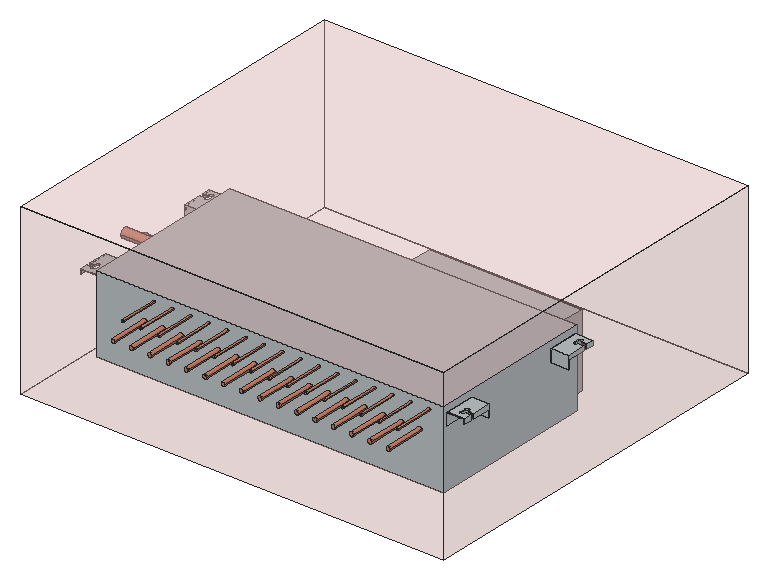
Revit family "CMB-M1016V-J1(-TR)", category 機械設備, Revit 2016
Family settings
  ホスト = 天井
  パーツ タイプ = 標準
  丸型コネクタ寸法 = 半径を使用
  OmniClass 番号 = 23.75.00.00
  OmniClass タイトル = Climate Control (HVAC)
  常に垂直 = はい
  ロード時にボイドで切り取り = いいえ
  共有 = いいえ
  部屋の計算ポイント = いいえ
Parameters (values of type "CMB-M1016V-J1(-TR)_240V_60Hz")
  説明 = "BC controller"
  製造元 = "Mitsubishi Electric Corporation"
  モデル = "CMB-M1016V-J1(-TR)"
  Width = 1135.00 mm
  WarrantyStart = ""
  Voltage = 240 V
  Unit Weight (kg) = 59
  URL = "http://www.mitsubishielectric.com/"
  TagNumber = 0
  Subcategory = "HVAC"
  Space View = yes
  Sound Pressure Level (Rated operation) (dB(A)) = "40"
  Sound Pressure Level (Defrost) (dB(A)) = 53
  Sound Power Level (Rated operation) (dB(A)) = "59"
  Sound Power Level (Defrost) (dB(A)) = 71
  SerialNumber = 0
  ReplacementYear = ""
  Phase = 1
  Number of branch = 16
  InstallationDate = ""
  Indoor unit capacity connectable to 1 branch = "Model P/M80 or smaller\r\n(Use optional joint pipe combining 2 branches when the total unit capacity exceeds P/M81.)"
  Hertz = 60 Hz
  Height = 252.00 mm
  Heating Power Input (kW) = 0.119
  Heating Current (A) = 0.5
  External Finish = "Galvanized steel plate\r\n(Lower part drain pan: Pre-coated galvanized sheets + powder coating)"
  Equip_description = ""
  Equip_No. = 0
  Equip_ID = ""
  Drain pipe_radius = 16.00 mm
  Description = ""
  Depth = 622.00 mm
  CreatedOn = ""
  CreatedBy = ""
  Cooling Power Input (kW) = 0.246
  Cooling Current (A) = 1.03
  Connection pipe of outdoor/heat source unit to P350 (Low pressure)_radius = 14.29 mm
  Connection pipe of outdoor/heat source unit to P350 (High pressure) radius = "9.525 or 11.1"
  Connection pipe of outdoor/heat source unit to P250/P300 (Low pressure)_radius = 11.10 mm
  Connection pipe of outdoor/heat source unit to P250/P300 (High pressure)_radius = 9.525 mm
  Connection pipe of outdoor/heat source unit to P200/M200 (Low pressure)_radius = 9.525 mm
  Connection pipe of outdoor/heat source unit to P200/M200 (High pressure)_radius = 7.94 mm
  Connection pipe of outdoor/heat source unit to M250/M300 (Low pressure)_radius = 11.10 mm
  Connection pipe of outdoor/heat source unit to M250/M300 (High pressure)_radius = 7.94 mm
  Connection pipe of indoor unit (Liquid Pipe)_radius (O.D.) = "Indoor unit Model 50 or smaller 3.175 Brazed\r\nbigger than 50 4.76 Brazed"
  Connection pipe of indoor unit (Gas Pipe)_radius (O.D.) = "Indoor unit Model 50 or smaller 6.35 Brazed\r\nbigger than 50 7.94 Brazed\r\n(9.525, 11.1 with optional joint pipe used.)"
  Connectable Outdoor/Heat source Unit Capacity = "P200 to P350/M200 to M300"
  Category = ""
  Barcode = ""
  AssetIdentifier = ""
Types (6, lengths in mm): name | Voltage | Hertz | Heating Power Input (kW) | Heating Current (A) | Cooling Power Input (kW) | Cooling Current (A)
  CMB-M1016V-J1(-TR)_220V_50Hz | 220 V | 50 Hz | 0.119 | 0.55 | 0.246 | 1.12
  CMB-M1016V-J1(-TR)_220V_60Hz | 220 V | 60 Hz | 0.096 | 0.44 | 0.198 | 0.9
  CMB-M1016V-J1(-TR)_230V_50Hz | 230 V | 50 Hz | 0.135 | 0.59 | 0.279 | 1.22
  CMB-M1016V-J1(-TR)_230V_60Hz | 230 V | 60 Hz | 0.108 | 0.47 | 0.222 | 0.97
  CMB-M1016V-J1(-TR)_240V_50Hz | 240 V | 50 Hz | 0.151 | 0.63 | 0.312 | 1.3
  CMB-M1016V-J1(-TR)_240V_60Hz | 240 V | 60 Hz | 0.119 | 0.5 | 0.246 | 1.03
Reference planes
  plane 1 "Center (Front/Back)": y = 0
  plane 2: z = 0
  plane 3 "Center (Left/Right)": x = 0
  plane 4 "Ceiling": z = 0
  plane 5: x = 18.001
  plane 6: x = -1461.999
  plane 7: y = 963.043
  plane 8: y = 1625.043
  plane 9: y = 1625.043
  plane 10: y = 1625.043
  plane 11: y = 225.043
  plane 12: y = -424.957
  plane 13: y = -271.474
  plane 14: y = 272.5
  plane 15: y = -272.5
  plane 16: z = 452.005
  plane 17: z = 200.005
  plane 18: x = -567.5
  plane 19: x = 567.5
  plane 20 "attachment": z = 430.005
Forms (mm)
  Extrusion 1, solid, material "Plated steel"
    sketch origin (-719.999, 26, 4154.985) x (-1, 0, 0) y (0, -1, 0)
      loop
        line (-1287.499, 298.5) -> (-1287.499, -246.5) -> (-152.499, -246.5) -> (-152.499, 298.5) -> (-1287.499, 298.5)
    from -3954.98 to -3702.98
  Extrusion 2, solid, material "Plated steel"
    sketch origin (609.8, 1.043, 4125.43) x (-1, 0, 0) y (0, 0, 1)
      loop
        line (586.665, -3678.196) -> (88.3, -3678.196) -> (88.3, -3915.425) -> (586.665, -3915.425) -> (586.665, -3678.196)
    from 271.457 to 348.457
  Extrusion 3, solid, material "Service space", visible <- "Space View"
    sketch origin (0.001, 0.043, 4120) x (1, 0, 0) y (0, 1, 0)
      loop
        line (567.499, -272.543) -> (567.499, 972.457) -> (-817.501, 972.457) -> (-817.501, -272.543) -> (567.499, -272.543)
    from -4120 to -3568
  Extrusion 4, solid, material "Copper"
    sketch origin (525.5, -272.5, 4151.796) x (-1, 0, 0) y (0, 0, -1)
      loop
        circle (905, 3724.791) r 3.175
    from 0 to 130
  Extrusion 5, solid, material "Copper"
    sketch origin (585.5, -272.5, 4151.796) x (-1, 0, 0) y (0, 0, -1)
      loop
        circle (905, 3724.791) r 3.175
    from 0 to 130
  Extrusion 6, solid, material "Copper"
    sketch origin (645.5, -272.5, 4151.796) x (-1, 0, 0) y (0, 0, -1)
      loop
        circle (905, 3724.791) r 3.175
    from 0 to 130
  Extrusion 7, solid, material "Copper"
    sketch origin (593.5, -272.5, 4151.796) x (-1, 0, 0) y (0, 0, -1)
      loop
        circle (793, 3724.791) r 3.175
    from 0 to 130
  Extrusion 8, solid, material "Copper"
    sketch origin (525.5, -272.5, 4151.796) x (-1, 0, 0) y (0, 0, -1)
      loop
        circle (935, 3792.791) r 6.35
    from 0 to 130
  Extrusion 9, solid, material "Copper"
    sketch origin (585.5, -272.5, 4151.796) x (-1, 0, 0) y (0, 0, -1)
      loop
        circle (935, 3792.791) r 6.35
    from 0 to 130
  Extrusion 10, solid, material "Copper"
    sketch origin (645.5, -272.5, 4151.796) x (-1, 0, 0) y (0, 0, -1)
      loop
        circle (935, 3792.791) r 6.35
    from 0 to 130
  Extrusion 11, solid, material "Copper"
    sketch origin (593.5, -272.5, 4151.796) x (-1, 0, 0) y (0, 0, -1)
      loop
        circle (823, 3792.791) r 6.35
    from 0 to 130
  Extrusion 12, solid, material "Copper"
    sketch origin (-567.5, 273, 4154.985) x (0, -1, 0) y (0, 0, 1)
      loop
        circle (281.5, -3749.98) r 14.29
    from 0 to 120
  Extrusion 13, solid, material "Copper"
    sketch origin (-567.5, 273, 4154.985) x (0, -1, 0) y (0, 0, 1)
      loop
        circle (203.5, -3793.98) r 9.525
    from 0 to 120
  Extrusion 14, solid
    sketch origin (-567.5, 273, 4154.985) x (0, -1, 0) y (0, 0, 1)
      loop
        circle (272.5, -3923.98) r 16
    from 0 to 20
  Extrusion 15, solid, material "Copper"
    sketch origin (653.5, -272.5, 4151.796) x (-1, 0, 0) y (0, 0, -1)
      loop
        circle (793, 3724.791) r 3.175
    from 0 to 130
  Extrusion 16, solid, material "Copper"
    sketch origin (653.5, -272.5, 4151.796) x (-1, 0, 0) y (0, 0, -1)
      loop
        circle (823, 3792.791) r 6.35
    from 0 to 130
  Extrusion 17, solid, material "Copper"
    sketch origin (713.5, -272.5, 4151.796) x (-1, 0, 0) y (0, 0, -1)
      loop
        circle (793, 3724.791) r 3.175
    from 0 to 130
  Extrusion 18, solid, material "Copper"
    sketch origin (713.5, -272.5, 4151.796) x (-1, 0, 0) y (0, 0, -1)
      loop
        circle (823, 3792.791) r 6.35
    from 0 to 130
  Extrusion 19, solid, material "Copper"
    sketch origin (773.5, -272.5, 4151.796) x (-1, 0, 0) y (0, 0, -1)
      loop
        circle (793, 3724.791) r 3.175
    from 0 to 130
  Extrusion 20, solid, material "Copper"
    sketch origin (773.5, -272.5, 4151.796) x (-1, 0, 0) y (0, 0, -1)
      loop
        circle (823, 3792.791) r 6.35
    from 0 to 130
  Extrusion 21, solid, material "Copper"
    sketch origin (833.5, -272.5, 4151.796) x (-1, 0, 0) y (0, 0, -1)
      loop
        circle (793, 3724.791) r 3.175
    from 0 to 130
  Extrusion 22, solid, material "Copper"
    sketch origin (833.5, -272.5, 4151.796) x (-1, 0, 0) y (0, 0, -1)
      loop
        circle (823, 3792.791) r 6.35
    from 0 to 130
  Extrusion 23, solid, material "Copper"
    sketch origin (893.5, -272.5, 4151.796) x (-1, 0, 0) y (0, 0, -1)
      loop
        circle (793, 3724.791) r 3.175
    from 0 to 130
  Extrusion 24, solid, material "Copper"
    sketch origin (893.5, -272.5, 4151.796) x (-1, 0, 0) y (0, 0, -1)
      loop
        circle (823, 3792.791) r 6.35
    from 0 to 130
  Extrusion 25, solid, material "Copper"
    sketch origin (953.5, -272.5, 4151.796) x (-1, 0, 0) y (0, 0, -1)
      loop
        circle (793, 3724.791) r 3.175
    from 0 to 130
  Extrusion 26, solid, material "Copper"
    sketch origin (953.5, -272.5, 4151.796) x (-1, 0, 0) y (0, 0, -1)
      loop
        circle (823, 3792.791) r 6.35
    from 0 to 130
  Extrusion 27, solid, material "Copper"
    sketch origin (1013.5, -272.5, 4151.796) x (-1, 0, 0) y (0, 0, -1)
      loop
        circle (793, 3724.791) r 3.175
    from 0 to 130
  Extrusion 28, solid, material "Copper"
    sketch origin (1013.5, -272.5, 4151.796) x (-1, 0, 0) y (0, 0, -1)
      loop
        circle (823, 3792.791) r 6.35
    from 0 to 130
  Extrusion 29, solid, material "Copper"
    sketch origin (1073.5, -272.5, 4151.796) x (-1, 0, 0) y (0, 0, -1)
      loop
        circle (793, 3724.791) r 3.175
    from 0 to 130
  Extrusion 30, solid, material "Copper"
    sketch origin (1073.5, -272.5, 4151.796) x (-1, 0, 0) y (0, 0, -1)
      loop
        circle (823, 3792.791) r 6.35
    from 0 to 130
  Extrusion 31, solid, material "Copper"
    sketch origin (1133.5, -272.5, 4151.796) x (-1, 0, 0) y (0, 0, -1)
      loop
        circle (793, 3724.791) r 3.175
    from 0 to 130
  Extrusion 32, solid, material "Copper"
    sketch origin (1133.5, -272.5, 4151.796) x (-1, 0, 0) y (0, 0, -1)
      loop
        circle (823, 3792.791) r 6.35
    from 0 to 130
  Extrusion 33, solid, material "Copper"
    sketch origin (1193.5, -272.5, 4151.796) x (-1, 0, 0) y (0, 0, -1)
      loop
        circle (793, 3724.791) r 3.175
    from 0 to 130
  Extrusion 34, solid, material "Copper"
    sketch origin (1193.5, -272.5, 4151.796) x (-1, 0, 0) y (0, 0, -1)
      loop
        circle (823, 3792.791) r 6.35
    from 0 to 130
  Extrusion 35, solid, material "Copper"
    sketch origin (1253.5, -272.5, 4151.796) x (-1, 0, 0) y (0, 0, -1)
      loop
        circle (793, 3724.791) r 3.175
    from 0 to 130
  Extrusion 36, solid, material "Copper"
    sketch origin (1253.5, -272.5, 4151.796) x (-1, 0, 0) y (0, 0, -1)
      loop
        circle (823, 3792.791) r 6.35
    from 0 to 130
  Extrusion 37, solid, material "Copper"
    sketch origin (1313.5, -272.5, 4151.796) x (-1, 0, 0) y (0, 0, -1)
      loop
        circle (793, 3724.791) r 3.175
    from 0 to 130
  Extrusion 38, solid, material "Copper"
    sketch origin (1313.5, -272.5, 4151.796) x (-1, 0, 0) y (0, 0, -1)
      loop
        circle (823, 3792.791) r 6.35
    from 0 to 130
Lines and regions (mm)
  model lines, visible <- "Space View"
    curve 1: line (224.5, 972.5, 0) -> (-225.5, 972.5, 0)
    curve 2: line (224.5, 522.5, 0) -> (224.5, 972.5, 0)
    curve 3: line (-225.5, 522.5, 0) -> (224.5, 522.5, 0)
    curve 4: line (-225.5, 972.5, 0) -> (-225.5, 522.5, 0)
    curve 5: line (-225.5, 522.5, 0) -> (224.5, 972.5, 0)
    curve 6: line (224.5, 522.5, 0) -> (-225.5, 972.5, 0)
Dimensions and locks
  equal spacing: host sketch curve, plane 3 "Center (Left/Right)", host sketch curve
  equal spacing: host sketch curve, plane 1 "Center (Front/Back)", host sketch curve
  host sketch curve to host sketch curve = 4000.00 mm  (x2)
  locked: plane 4 "Ceiling" to host ceiling at 0
  Extrusion 1 sketch curve to Extrusion 1 sketch curve = 1135.00 mm  (x2)
  Extrusion 1 sketch curve to Extrusion 1 sketch curve = 545.00 mm
  locked: Extrusion 2 to Extrusion 2 at 77
  Extrusion 1 to Extrusion 4 sketch curve = 188.00 mm
  Extrusion 1 to Extrusion 8 sketch curve = 158.00 mm
  Extrusion 12 sketch curve to Extrusion 1 = 264.00 mm
  Extrusion 1 to Extrusion 12 sketch curve = 47.00 mm
  Extrusion 13 sketch curve to Extrusion 1 = 342.00 mm
  Extrusion 1 to Extrusion 13 sketch curve = 91.00 mm
  Extrusion 14 sketch curve to Extrusion 1 = 273.00 mm
  Extrusion 1 to Extrusion 3 = 99.995 mm
  Extrusion 3 to Extrusion 1 = 200.005 mm
  locked: Extrusion 3 to Extrusion 1 at 250
  Extrusion 3 sketch curve to Extrusion 1 = 250.00 mm
  Extrusion 3 to Extrusion 1 = 700.00 mm
  Extrusion 1 to Extrusion 1 = 252.00 mm  (x2)
  Extrusion 1 to level = 200.005 mm
  Extrusion 3 to Extrusion 1 = 99.995 mm
  Extrusion 1 to Extrusion 14 = 221.00 mm
  Extrusion 1 to Extrusion 14 sketch curve = 221.00 mm
  plane 1 "Center (Front/Back)" to Extrusion 3 = 272.50 mm
  Extrusion 1 to Extrusion 13 = 91.00 mm
  equal spacing: Extrusion 1, plane 3 "Center (Left/Right)", Extrusion 1
  "Width": Extrusion 1 to Extrusion 1
  curve 2 to Extrusion 3 = 343.00 mm
  locked: curve 4 to curve 2 at 450
  curve 3 to Extrusion 3 = 450.00 mm
  Extrusion 1 to curve 3 = 250.00 mm
  locked: nested 1 to nested 2 at 463
  locked: Extrusion 3 to nested 2 at 41
  locked: Extrusion 1 to Extrusion 1 at 545
  equal spacing: Extrusion 1, plane 1 "Center (Front/Back)", Extrusion 1
  plane 20 "attachment" to Extrusion 1 = 22.00 mm
  locked: Extrusion 7 to Extrusion 1 at 130
  Extrusion 1 to Extrusion 3 sketch curve = 700.00 mm
  curve 3 to Extrusion 1 = 250.00 mm
  curve 3 to curve 1 = 450.00 mm
  nested 4 to nested 2 = 1207.00 mm
  equal spacing: group 8, group 9, group 10, group 11, group 12, group 13  (x3)
  diameter of Extrusion 4 sketch curve = 6.35 mm
  diameter of Extrusion 5 sketch curve = 6.35 mm
  diameter of Extrusion 6 sketch curve = 6.35 mm
  diameter of Extrusion 7 sketch curve = 6.35 mm
  diameter of Extrusion 8 sketch curve = 12.70 mm
  diameter of Extrusion 9 sketch curve = 12.70 mm
  diameter of Extrusion 10 sketch curve = 12.70 mm
  diameter of Extrusion 11 sketch curve = 12.70 mm
  diameter of Extrusion 12 sketch curve = 28.58 mm
  diameter of Extrusion 13 sketch curve = 19.05 mm
  diameter of Extrusion 14 sketch curve = 32.00 mm
  diameter of Extrusion 12 = 28.58 mm
  diameter of Extrusion 13 = 19.05 mm
  diameter of Extrusion 14 = 32.00 mm
  diameter of Extrusion 15 sketch curve = 6.35 mm
  diameter of Extrusion 16 sketch curve = 12.70 mm
  diameter of Extrusion 17 sketch curve = 6.35 mm
  diameter of Extrusion 18 sketch curve = 12.70 mm
  diameter of Extrusion 19 sketch curve = 6.35 mm
  diameter of Extrusion 20 sketch curve = 12.70 mm
  diameter of Extrusion 21 sketch curve = 6.35 mm
  diameter of Extrusion 22 sketch curve = 12.70 mm
  diameter of Extrusion 23 sketch curve = 6.35 mm
  diameter of Extrusion 24 sketch curve = 12.70 mm
  diameter of Extrusion 25 sketch curve = 6.35 mm
  diameter of Extrusion 26 sketch curve = 12.70 mm
  diameter of Extrusion 27 sketch curve = 6.35 mm
  diameter of Extrusion 28 sketch curve = 12.70 mm
  diameter of Extrusion 29 sketch curve = 6.35 mm
  diameter of Extrusion 30 sketch curve = 12.70 mm
  diameter of Extrusion 31 sketch curve = 6.35 mm
  diameter of Extrusion 32 sketch curve = 12.70 mm
  diameter of Extrusion 33 sketch curve = 6.35 mm
  diameter of Extrusion 34 sketch curve = 12.70 mm
  diameter of Extrusion 35 sketch curve = 6.35 mm
  diameter of Extrusion 36 sketch curve = 12.70 mm
  diameter of Extrusion 37 sketch curve = 6.35 mm
  diameter of Extrusion 38 sketch curve = 12.70 mm
  aligned and locked: Extrusion 2 to Extrusion 1
  aligned and locked: Extrusion 1 to Extrusion 3
  aligned and locked: nested 1 to Extrusion 1
  aligned and locked: plane 20 "attachment" to nested 1
  aligned and locked: nested 2 to plane 20 "attachment"
Automatic sketch dimensions
  plane 15 to Extrusion 1 sketch curve = 0.00 mm
  plane 16 to Extrusion 2 sketch curve = 4.77 mm
  Extrusion 2 sketch curve to plane 17 = 10.00 mm
  plane 15 to Extrusion 3 sketch curve = 0.00 mm
  Extrusion 1 to Extrusion 4 sketch curve = 25.00 mm
  Extrusion 1 to Extrusion 5 sketch curve = 25.00 mm
  Extrusion 5 sketch curve to Extrusion 1 = 248.00 mm
  Extrusion 1 to Extrusion 6 sketch curve = 25.00 mm
  Extrusion 6 sketch curve to Extrusion 1 = 308.00 mm
  Extrusion 1 to Extrusion 8 sketch curve = 93.00 mm
  Extrusion 9 sketch curve to Extrusion 1 = 218.00 mm
  Extrusion 1 to Extrusion 9 sketch curve = 93.00 mm
  Extrusion 1 to Extrusion 10 sketch curve = 93.00 mm
  Extrusion 10 sketch curve to Extrusion 1 = 278.00 mm
  plane 3 "Center (Left/Right)" to Extrusion 2 sketch curve = 23.135 mm
  plane 5 to Extrusion 1 sketch curve = 549.499 mm
  plane 3 "Center (Left/Right)" to Extrusion 2 sketch curve = 521.50 mm
  plane 3 "Center (Left/Right)" to Extrusion 3 sketch curve = 567.50 mm
Nested families
  nested 1: "LEG" at (604.5, 231.5, 432.305) x (0, 1, 0) z (0, 0, 1), type "LEG"
  nested 2: "LEG" at (604.5, -231.5, 432.305) x (0, -1, 0) z (0, 0, 1), type "LEG"
  nested 3: "LEG" at (-604.5, 231.5, 432.305) x (0, 1, 0) z (0, 0, 1), type "LEG"
  nested 4: "LEG" at (-604.5, -231.5, 432.305) x (0, -1, 0) z (0, 0, 1), type "LEG"
Connectors
  piping at (-379.5, -402.5, 427.005), diameter 6.36
    settings: on Extrusion 4, index 1, connector inside diameter 609.6 mm, connector length 0.00 mm, flow factor 0, pipe flow 0.0 L/s, pressure drop 0.0 Pa, fitting loss kfactor 0, connector angle 0.00°, fixture units 0, engagement length 0.00 mm, angle of deflection 0.00°, flow configuration 0, flow direction 0, fitting loss method 0, system type 22, joint type 0, gender type 0, connector reference index -1, connector utility 0, adjustable connector no, is connector primary yes, connector description "indoor unit (Liquid)"
  piping at (-319.5, -402.5, 427.005), diameter 6.36
    settings: on Extrusion 5, index 2, connector inside diameter 609.6 mm, connector length 0.00 mm, flow factor 0, pipe flow 0.0 L/s, pressure drop 0.0 Pa, fitting loss kfactor 0, connector angle 0.00°, fixture units 0, engagement length 0.00 mm, angle of deflection 0.00°, flow configuration 0, flow direction 0, fitting loss method 0, system type 22, joint type 0, gender type 0, connector reference index -1, connector utility 0, adjustable connector no, is connector primary no, connector description "indoor unit (Liquid)"
  piping at (-259.5, -402.5, 427.005), diameter 6.36
    settings: on Extrusion 6, index 3, connector inside diameter 609.6 mm, connector length 0.00 mm, flow factor 0, pipe flow 0.0 L/s, pressure drop 0.0 Pa, fitting loss kfactor 0, connector angle 0.00°, fixture units 0, engagement length 0.00 mm, angle of deflection 0.00°, flow configuration 0, flow direction 0, fitting loss method 0, system type 22, joint type 0, gender type 0, connector reference index -1, connector utility 0, adjustable connector no, is connector primary no, connector description "indoor unit (Liquid)"
  piping at (-199.5, -402.5, 427.005), diameter 6.36
    settings: on Extrusion 7, index 4, connector inside diameter 609.6 mm, connector length 0.00 mm, flow factor 0, pipe flow 0.0 L/s, pressure drop 0.0 Pa, fitting loss kfactor 0, connector angle 0.00°, fixture units 0, engagement length 0.00 mm, angle of deflection 0.00°, flow configuration 0, flow direction 0, fitting loss method 0, system type 22, joint type 0, gender type 0, connector reference index -1, connector utility 0, adjustable connector no, is connector primary no, connector description "indoor unit (Liquid)"
  piping at (-409.5, -402.5, 359.005), diameter 12.7
    settings: on Extrusion 8, index 9, connector inside diameter 609.6 mm, connector length 0.00 mm, flow factor 0, pipe flow 0.0 L/s, pressure drop 0.0 Pa, fitting loss kfactor 0, connector angle 0.00°, fixture units 0, engagement length 0.00 mm, angle of deflection 0.00°, flow configuration 0, flow direction 0, fitting loss method 0, system type 22, joint type 0, gender type 0, connector reference index -1, connector utility 0, adjustable connector no, is connector primary no, connector description "indoor unit (Gas)"
  piping at (-349.5, -402.5, 359.005), diameter 12.7
    settings: on Extrusion 9, index 10, connector inside diameter 609.6 mm, connector length 0.00 mm, flow factor 0, pipe flow 0.0 L/s, pressure drop 0.0 Pa, fitting loss kfactor 0, connector angle 0.00°, fixture units 0, engagement length 0.00 mm, angle of deflection 0.00°, flow configuration 0, flow direction 0, fitting loss method 0, system type 22, joint type 0, gender type 0, connector reference index -1, connector utility 0, adjustable connector no, is connector primary no, connector description "indoor unit (Gas)"
  piping at (-289.5, -402.5, 359.005), diameter 12.7
    settings: on Extrusion 10, index 11, connector inside diameter 609.6 mm, connector length 0.00 mm, flow factor 0, pipe flow 0.0 L/s, pressure drop 0.0 Pa, fitting loss kfactor 0, connector angle 0.00°, fixture units 0, engagement length 0.00 mm, angle of deflection 0.00°, flow configuration 0, flow direction 0, fitting loss method 0, system type 22, joint type 0, gender type 0, connector reference index -1, connector utility 0, adjustable connector no, is connector primary no, connector description "indoor unit (Gas)"
  piping at (-229.5, -402.5, 359.005), diameter 12.7
    settings: on Extrusion 11, index 12, connector inside diameter 609.6 mm, connector length 0.00 mm, flow factor 0, pipe flow 0.0 L/s, pressure drop 0.0 Pa, fitting loss kfactor 0, connector angle 0.00°, fixture units 0, engagement length 0.00 mm, angle of deflection 0.00°, flow configuration 0, flow direction 0, fitting loss method 0, system type 22, joint type 0, gender type 0, connector reference index -1, connector utility 0, adjustable connector no, is connector primary no, connector description "indoor unit (Gas)"
  piping at (-687.5, -8.5, 405.005), diameter 28.58
    settings: on Extrusion 12, index 17, connector inside diameter 609.6 mm, connector length 0.00 mm, flow factor 0, pipe flow 0.0 L/s, pressure drop 0.0 Pa, fitting loss kfactor 0, connector angle 0.00°, fixture units 0, engagement length 0.00 mm, angle of deflection 0.00°, flow configuration 0, flow direction 0, fitting loss method 0, system type 22, joint type 0, gender type 0, connector reference index -1, connector utility 0, adjustable connector no, is connector primary no, connector description "outdoor unit(Low pressure)"
  piping at (-687.5, 69.5, 361.005), diameter 19.06
    settings: on Extrusion 13, index 19, connector inside diameter 609.6 mm, connector length 0.00 mm, flow factor 0, pipe flow 0.0 L/s, pressure drop 0.0 Pa, fitting loss kfactor 0, connector angle 0.00°, fixture units 0, engagement length 0.00 mm, angle of deflection 0.00°, flow configuration 0, flow direction 0, fitting loss method 0, system type 22, joint type 0, gender type 0, connector reference index -1, connector utility 0, adjustable connector no, is connector primary no, connector description "outdoor unit(High pressure)"
  piping at (-587.5, 0.5, 231.005), diameter 32
    settings: on Extrusion 14, index 20, connector inside diameter 609.6 mm, connector length 0.00 mm, flow factor 0, pipe flow 0.0 L/s, pressure drop 0.0 Pa, fitting loss kfactor 0, connector angle 0.00°, fixture units 0, engagement length 0.00 mm, angle of deflection 0.00°, flow configuration 0, flow direction 2, fitting loss method 0, system type 22, joint type 0, gender type 0, connector reference index -1, connector utility 0, adjustable connector no, is connector primary no, connector description "Drain"
  electrical at (521.5, 311, 328.62), driven by "Phase", driven by "Voltage"
    settings: on Extrusion 2, index 21, voltage 240 V, apparent load 0 VA, apparent load phase1 0 VA, apparent load phase2 0 VA, apparent load phase3 0 VA, power factor 1, load classification "その他", number of poles 1, system type 30, power factor state 1, is connector primary yes, connector utility no, sub classification motor no, connector description ""
  piping at (-139.5, -402.5, 427.005), diameter 6.36
    settings: on Extrusion 15, index 22, connector inside diameter 609.6 mm, connector length 0.00 mm, flow factor 0, pipe flow 0.0 L/s, pressure drop 0.0 Pa, fitting loss kfactor 0, connector angle 0.00°, fixture units 0, engagement length 0.00 mm, angle of deflection 0.00°, flow configuration 0, flow direction 0, fitting loss method 0, system type 22, joint type 0, gender type 0, connector reference index -1, connector utility 0, adjustable connector no, is connector primary no, connector description "indoor unit (Liquid)"
  piping at (-79.5, -402.5, 427.005), diameter 6.36
    settings: on Extrusion 17, index 23, connector inside diameter 609.6 mm, connector length 0.00 mm, flow factor 0, pipe flow 0.0 L/s, pressure drop 0.0 Pa, fitting loss kfactor 0, connector angle 0.00°, fixture units 0, engagement length 0.00 mm, angle of deflection 0.00°, flow configuration 0, flow direction 0, fitting loss method 0, system type 23, joint type 0, gender type 0, connector reference index -1, connector utility 0, adjustable connector no, is connector primary no, connector description "indoor unit (Liquid)"
  piping at (-19.5, -402.5, 427.005), diameter 6.36
    settings: on Extrusion 19, index 24, connector inside diameter 609.6 mm, connector length 0.00 mm, flow factor 0, pipe flow 0.0 L/s, pressure drop 0.0 Pa, fitting loss kfactor 0, connector angle 0.00°, fixture units 0, engagement length 0.00 mm, angle of deflection 0.00°, flow configuration 0, flow direction 0, fitting loss method 0, system type 22, joint type 0, gender type 0, connector reference index -1, connector utility 0, adjustable connector no, is connector primary no, connector description "indoor unit (Liquid)"
  piping at (40.5, -402.5, 427.005), diameter 6.36
    settings: on Extrusion 21, index 25, connector inside diameter 609.6 mm, connector length 0.00 mm, flow factor 0, pipe flow 0.0 L/s, pressure drop 0.0 Pa, fitting loss kfactor 0, connector angle 0.00°, fixture units 0, engagement length 0.00 mm, angle of deflection 0.00°, flow configuration 0, flow direction 0, fitting loss method 0, system type 22, joint type 0, gender type 0, connector reference index -1, connector utility 0, adjustable connector no, is connector primary no, connector description "indoor unit (Liquid)"
  piping at (100.5, -402.5, 427.005), diameter 6.36
    settings: on Extrusion 23, index 26, connector inside diameter 609.6 mm, connector length 0.00 mm, flow factor 0, pipe flow 0.0 L/s, pressure drop 0.0 Pa, fitting loss kfactor 0, connector angle 0.00°, fixture units 0, engagement length 0.00 mm, angle of deflection 0.00°, flow configuration 0, flow direction 0, fitting loss method 0, system type 22, joint type 0, gender type 0, connector reference index -1, connector utility 0, adjustable connector no, is connector primary no, connector description "indoor unit (Liquid)"
  piping at (160.5, -402.5, 427.005), diameter 6.36
    settings: on Extrusion 25, index 27, connector inside diameter 609.6 mm, connector length 0.00 mm, flow factor 0, pipe flow 0.0 L/s, pressure drop 0.0 Pa, fitting loss kfactor 0, connector angle 0.00°, fixture units 0, engagement length 0.00 mm, angle of deflection 0.00°, flow configuration 0, flow direction 0, fitting loss method 0, system type 22, joint type 0, gender type 0, connector reference index -1, connector utility 0, adjustable connector no, is connector primary no, connector description "indoor unit (Liquid)"
  piping at (220.5, -402.5, 427.005), diameter 6.36
    settings: on Extrusion 27, index 28, connector inside diameter 609.6 mm, connector length 0.00 mm, flow factor 0, pipe flow 0.0 L/s, pressure drop 0.0 Pa, fitting loss kfactor 0, connector angle 0.00°, fixture units 0, engagement length 0.00 mm, angle of deflection 0.00°, flow configuration 0, flow direction 0, fitting loss method 0, system type 22, joint type 0, gender type 0, connector reference index -1, connector utility 0, adjustable connector no, is connector primary no, connector description "indoor unit (Liquid)"
  piping at (-169.5, -402.5, 359.005), diameter 12.7
    settings: on Extrusion 16, index 30, connector inside diameter 609.6 mm, connector length 0.00 mm, flow factor 0, pipe flow 0.0 L/s, pressure drop 0.0 Pa, fitting loss kfactor 0, connector angle 0.00°, fixture units 0, engagement length 0.00 mm, angle of deflection 0.00°, flow configuration 0, flow direction 0, fitting loss method 0, system type 22, joint type 0, gender type 0, connector reference index -1, connector utility 0, adjustable connector no, is connector primary no, connector description "indoor unit (Gas)"
  piping at (-109.5, -402.5, 359.005), diameter 12.7
    settings: on Extrusion 18, index 31, connector inside diameter 609.6 mm, connector length 0.00 mm, flow factor 0, pipe flow 0.0 L/s, pressure drop 0.0 Pa, fitting loss kfactor 0, connector angle 0.00°, fixture units 0, engagement length 0.00 mm, angle of deflection 0.00°, flow configuration 0, flow direction 0, fitting loss method 0, system type 22, joint type 0, gender type 0, connector reference index -1, connector utility 0, adjustable connector no, is connector primary no, connector description "indoor unit (Gas)"
  piping at (-49.5, -402.5, 359.005), diameter 12.7
    settings: on Extrusion 20, index 32, connector inside diameter 609.6 mm, connector length 0.00 mm, flow factor 0, pipe flow 0.0 L/s, pressure drop 0.0 Pa, fitting loss kfactor 0, connector angle 0.00°, fixture units 0, engagement length 0.00 mm, angle of deflection 0.00°, flow configuration 0, flow direction 0, fitting loss method 0, system type 22, joint type 0, gender type 0, connector reference index -1, connector utility 0, adjustable connector no, is connector primary no, connector description "indoor unit (Gas)"
  piping at (10.5, -402.5, 359.005), diameter 12.7
    settings: on Extrusion 22, index 33, connector inside diameter 609.6 mm, connector length 0.00 mm, flow factor 0, pipe flow 0.0 L/s, pressure drop 0.0 Pa, fitting loss kfactor 0, connector angle 0.00°, fixture units 0, engagement length 0.00 mm, angle of deflection 0.00°, flow configuration 0, flow direction 0, fitting loss method 0, system type 22, joint type 0, gender type 0, connector reference index -1, connector utility 0, adjustable connector no, is connector primary no, connector description "indoor unit (Gas)"
  piping at (70.5, -402.5, 359.005), diameter 12.7
    settings: on Extrusion 24, index 34, connector inside diameter 609.6 mm, connector length 0.00 mm, flow factor 0, pipe flow 0.0 L/s, pressure drop 0.0 Pa, fitting loss kfactor 0, connector angle 0.00°, fixture units 0, engagement length 0.00 mm, angle of deflection 0.00°, flow configuration 0, flow direction 0, fitting loss method 0, system type 22, joint type 0, gender type 0, connector reference index -1, connector utility 0, adjustable connector no, is connector primary no, connector description "indoor unit (Gas)"
  piping at (130.5, -402.5, 359.005), diameter 12.7
    settings: on Extrusion 26, index 35, connector inside diameter 609.6 mm, connector length 0.00 mm, flow factor 0, pipe flow 0.0 L/s, pressure drop 0.0 Pa, fitting loss kfactor 0, connector angle 0.00°, fixture units 0, engagement length 0.00 mm, angle of deflection 0.00°, flow configuration 0, flow direction 0, fitting loss method 0, system type 22, joint type 0, gender type 0, connector reference index -1, connector utility 0, adjustable connector no, is connector primary no, connector description "indoor unit (Gas)"
  piping at (190.5, -402.5, 359.005), diameter 12.7
    settings: on Extrusion 28, index 36, connector inside diameter 609.6 mm, connector length 0.00 mm, flow factor 0, pipe flow 0.0 L/s, pressure drop 0.0 Pa, fitting loss kfactor 0, connector angle 0.00°, fixture units 0, engagement length 0.00 mm, angle of deflection 0.00°, flow configuration 0, flow direction 0, fitting loss method 0, system type 22, joint type 0, gender type 0, connector reference index -1, connector utility 0, adjustable connector no, is connector primary no, connector description "indoor unit (Gas)"
  piping at (280.5, -402.5, 427.005), diameter 6.36
    settings: on Extrusion 29, index 37, connector inside diameter 609.6 mm, connector length 0.00 mm, flow factor 0, pipe flow 0.0 L/s, pressure drop 0.0 Pa, fitting loss kfactor 0, connector angle 0.00°, fixture units 0, engagement length 0.00 mm, angle of deflection 0.00°, flow configuration 0, flow direction 0, fitting loss method 0, system type 22, joint type 0, gender type 0, connector reference index -1, connector utility 0, adjustable connector no, is connector primary no, connector description "indoor unit (Liquid)"
  piping at (340.5, -402.5, 427.005), diameter 6.36
    settings: on Extrusion 31, index 38, connector inside diameter 609.6 mm, connector length 0.00 mm, flow factor 0, pipe flow 0.0 L/s, pressure drop 0.0 Pa, fitting loss kfactor 0, connector angle 0.00°, fixture units 0, engagement length 0.00 mm, angle of deflection 0.00°, flow configuration 0, flow direction 0, fitting loss method 0, system type 22, joint type 0, gender type 0, connector reference index -1, connector utility 0, adjustable connector no, is connector primary no, connector description "indoor unit (Liquid)"
  piping at (400.5, -402.5, 427.005), diameter 6.36
    settings: on Extrusion 33, index 39, connector inside diameter 609.6 mm, connector length 0.00 mm, flow factor 0, pipe flow 0.0 L/s, pressure drop 0.0 Pa, fitting loss kfactor 0, connector angle 0.00°, fixture units 0, engagement length 0.00 mm, angle of deflection 0.00°, flow configuration 0, flow direction 0, fitting loss method 0, system type 22, joint type 0, gender type 0, connector reference index -1, connector utility 0, adjustable connector no, is connector primary no, connector description "indoor unit (Liquid)"
  piping at (460.5, -402.5, 427.005), diameter 6.36
    settings: on Extrusion 35, index 40, connector inside diameter 609.6 mm, connector length 0.00 mm, flow factor 0, pipe flow 0.0 L/s, pressure drop 0.0 Pa, fitting loss kfactor 0, connector angle 0.00°, fixture units 0, engagement length 0.00 mm, angle of deflection 0.00°, flow configuration 0, flow direction 0, fitting loss method 0, system type 22, joint type 0, gender type 0, connector reference index -1, connector utility 0, adjustable connector no, is connector primary no, connector description "indoor unit (Liquid)"
  piping at (520.5, -402.5, 427.005), diameter 6.36
    settings: on Extrusion 37, index 41, connector inside diameter 609.6 mm, connector length 0.00 mm, flow factor 0, pipe flow 0.0 L/s, pressure drop 0.0 Pa, fitting loss kfactor 0, connector angle 0.00°, fixture units 0, engagement length 0.00 mm, angle of deflection 0.00°, flow configuration 0, flow direction 0, fitting loss method 0, system type 22, joint type 0, gender type 0, connector reference index -1, connector utility 0, adjustable connector no, is connector primary no, connector description "indoor unit (Liquid)"
  piping at (490.5, -402.5, 359.005), diameter 12.7
    settings: on Extrusion 38, index 42, connector inside diameter 609.6 mm, connector length 0.00 mm, flow factor 0, pipe flow 0.0 L/s, pressure drop 0.0 Pa, fitting loss kfactor 0, connector angle 0.00°, fixture units 0, engagement length 0.00 mm, angle of deflection 0.00°, flow configuration 0, flow direction 0, fitting loss method 0, system type 22, joint type 0, gender type 0, connector reference index -1, connector utility 0, adjustable connector no, is connector primary no, connector description "indoor unit (Gas)"
  piping at (430.5, -402.5, 359.005), diameter 12.7
    settings: on Extrusion 36, index 43, connector inside diameter 609.6 mm, connector length 0.00 mm, flow factor 0, pipe flow 0.0 L/s, pressure drop 0.0 Pa, fitting loss kfactor 0, connector angle 0.00°, fixture units 0, engagement length 0.00 mm, angle of deflection 0.00°, flow configuration 0, flow direction 0, fitting loss method 0, system type 22, joint type 0, gender type 0, connector reference index -1, connector utility 0, adjustable connector no, is connector primary no, connector description "indoor unit (Gas)"
  piping at (370.5, -402.5, 359.005), diameter 12.7
    settings: on Extrusion 34, index 44, connector inside diameter 609.6 mm, connector length 0.00 mm, flow factor 0, pipe flow 0.0 L/s, pressure drop 0.0 Pa, fitting loss kfactor 0, connector angle 0.00°, fixture units 0, engagement length 0.00 mm, angle of deflection 0.00°, flow configuration 0, flow direction 0, fitting loss method 0, system type 22, joint type 0, gender type 0, connector reference index -1, connector utility 0, adjustable connector no, is connector primary no, connector description "indoor unit (Gas)"
  piping at (310.5, -402.5, 359.005), diameter 12.7
    settings: on Extrusion 32, index 45, connector inside diameter 609.6 mm, connector length 0.00 mm, flow factor 0, pipe flow 0.0 L/s, pressure drop 0.0 Pa, fitting loss kfactor 0, connector angle 0.00°, fixture units 0, engagement length 0.00 mm, angle of deflection 0.00°, flow configuration 0, flow direction 0, fitting loss method 0, system type 22, joint type 0, gender type 0, connector reference index -1, connector utility 0, adjustable connector no, is connector primary no, connector description "indoor unit (Gas)"
  piping at (250.5, -402.5, 359.005), diameter 12.7
    settings: on Extrusion 30, index 46, connector inside diameter 609.6 mm, connector length 0.00 mm, flow factor 0, pipe flow 0.0 L/s, pressure drop 0.0 Pa, fitting loss kfactor 0, connector angle 0.00°, fixture units 0, engagement length 0.00 mm, angle of deflection 0.00°, flow configuration 0, flow direction 0, fitting loss method 0, system type 22, joint type 0, gender type 0, connector reference index -1, connector utility 0, adjustable connector no, is connector primary no, connector description "indoor unit (Gas)"
Definition of nested family "LEG"
  Parameters (values of type "LEG_28")
    product distance = 28.00 mm
  Types (2): name
    LEG_28
    Leg
  Reference planes
    plane 1: z = 0
    plane 2 "中心(左/右)": x = 0
    plane 3: x = 30
    plane 4: y = -23
    plane 5: y = 28
    plane 6: x = -8
    plane 7: x = 8
    plane 8: x = -6
    plane 9: x = 6
    plane 10: y = 37
    plane 11: y = 35
    plane 12: y = 1
  Forms (mm)
    Extrusion 1, solid
      sketch origin (0, 0, 0) x (1, 0, 0) y (0, 1, 0)
        loop
          line (-69.369, 37) -> (-69.369, -23) -> (30, -23) -> (30, 37) -> (-69.369, 37)
      from 0 to -41
    Extrusion 2, void
      sketch origin (0, 0, 0) x (0, 1, 0) y (0, 0, 1)
        loop
          line (-20.7, -2.3) -> (-20.7, -15) -> (-23, -15) -> (-23, -60) -> (35, -60) -> (35, -2.3) -> (-20.7, -2.3)
      from -67.197 to 30
    Extrusion 3, void
      sketch origin (0, 0, 0) x (1, 0, 0) y (0, 1, 0)
        loop
          arc (-8, 8) -> (-15, 1) -> (-8, -6) r 7
          line (-8, -6) -> (-6, -6) -> (-6, -23) -> (6, -23) -> (6, -6) -> (8, -6)
          arc (8, -6) -> (15, 1) -> (8, 8) r 7
          line (8, 8) -> (-8, 8)
      from 0 to -60
  Cuts and joins
    Extrusion 2, Extrusion 3 cuts Extrusion 1
  Dimensions and locks
    Extrusion 1 sketch curve to Extrusion 1 sketch curve = 99.369 mm
    Extrusion 1 sketch curve to plane 2 "中心(左/右)" to Extrusion 1 sketch curve = 69.369 mm, 30.00 mm
    Extrusion 2 sketch curve to plane 5 = 7.00 mm
    locked: cut or joined group of Extrusion 1, Extrusion 2, Extrusion 3 to cut or joined group of Extrusion 1, Extrusion 2, Extrusion 3 at 2.3  (x2)
    plane 2 "中心(左/右)" to cut or joined group of Extrusion 1, Extrusion 2, Extrusion 3 = 30.00 mm
    aligned and locked: level to plane 1
